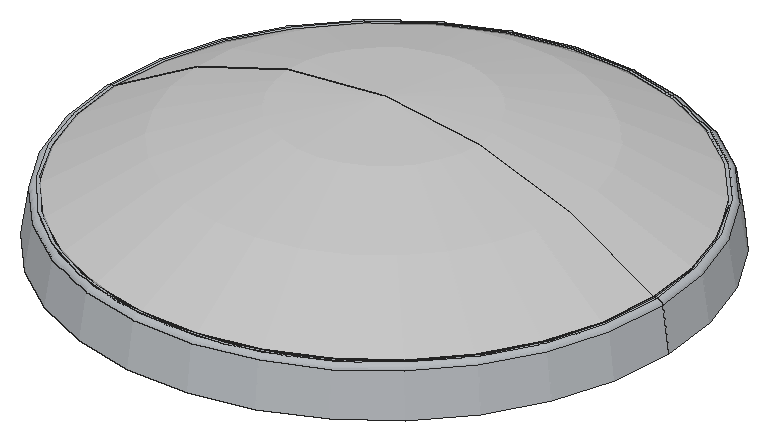
Revit family "Lightronics_LightingFixture_WallAndCeiling_DOTT_XL1", category Lighting Fixtures, host Face, Revit 2016
Family settings
  Host = Face
  Part Type = Normal
  Round Connector Dimension = Use Diameter
  OmniClass Number = 23.80.70.00
  OmniClass Title = Lighting
  Cut with Voids When Loaded = No
  Light Source = Yes
  Shared = No
  Room Calculation Point = No
Parameters (values of type "DOTT XL")
  _DistributedBy = "www.bimstore.co.uk"
  _CurrentRevision = 1
  _CreatedBy = "www.bimstore.co.uk"
  _BimSpecGuid = 0
  _BSBibleVersion = 15
  _AuthorizedBy = "Kris Atkinson"
  _Author = "Ryan Wigham"
  Wattage = 9.2903 W
  WarrantyStartDate [instance] = "Please record on commissioning"
  WarrantyGuarantorParts = "info@lightronics.nl"
  WarrantyGuarantorLabor = "info@lightronics.nl"
  WarrantyDurationUnit = "Years"
  WarrantyDurationParts = "5"
  WarrantyDurationLabor = "n/a"
  WarrantyDescription = "n/a"
  built-in parameter 1150110 = 1 (stored number, unit not read)
  Voltage = 230 V
  URL = "https://www.lightronics.nl/en/"
  TypeName = "DOTT XL"
  Type Comments = "Wall and ceiling lighting – Hogro Plus. Impact proof surface-mounted design luminaire"
  built-in parameter 1114217 = 1 (stored number, unit not read)
  Tilt Angle = 90.00°
  built-in parameter 1150109 = 1 (stored number, unit not read)
  built-in parameter 1150134 = 3
  built-in parameter 1150113 = 1 (stored number, unit not read)
  SpareParts = "n/a"
  Size = "500x115"
  Shape = "Circular"
  SerialNumber [instance] = "Please record on commissioning"
  ReplacementCost = ""
  ReferencedStandard = "n/a"
  ProductionYear = "2018"
  Photometric Web File = "DOTTXL-LO-1-19-500-D-F-2280-230-X-W.ies"
  NumberOfPoles = 1
  NominalLength = Length  # 500 mm
  NominalHeight = Height  # 115 mm
  NominalDepth = Depth  # 500 mm
  NBSReference = "90-60-50/405"
  NBSOfficeMasterTag = "n/a"
  NBSObjectName = "Lightronics -  General purpose luminaires"
  NBSNote = ""
  NBSDescription = "Surface luminaires"
  ModelReference = "IP 65"
  ModelNumber = "DOTT XL"
  Model = "DOTT XL"
  Material_Lens [instance] = Lightronics - Polycarbonate - Lens - Opal
  Material_Housing [instance] = Lightronics - Aluminium Coated - RAL DB703
  Material = "UV-stabilised polycarbonate"
  ManufacturerName = "Lightronics"
  Manufacturer = "Lightronics"
  built-in parameter 1150105 = 109.82 (stored number, unit not read)
  Lumens = 1380 lm
  built-in parameter 1150115 = 1 (stored number, unit not read)
  built-in parameter 1150137 = (empty or 0)
  built-in parameter 1150139 = (empty or 0)
  Length = Diameter  # 500 mm
  built-in parameter 1150112 = 1 (stored number, unit not read)
  built-in parameter 1150114 = 1 (stored number, unit not read)
  Keynote = "V90/510"
  InstallationDate [instance] = "Please record on commissioning"
  built-in parameter 1150132 = (empty or 0)
  built-in parameter 1150102 = (empty or 0)
  built-in parameter 1150107 = 3200 (stored number, unit not read)
  built-in parameter 1150138 = (empty or 0)
  built-in parameter 1150106 = 1.0982 (stored number, unit not read)
  IfcExportType = "IfcLightFixture"
  IfcExportAs = "IfcLightFixtureTypeEnum.POINTSOURCE"
  Height = 115 mm
  Grade = "n/a"
  Finish = "n/a"
  Features = "n/a"
  ExpectedLife = 10
  Emit from Circle Diameter = 450 mm
  Emit Shape Visible in Rendering = no
  built-in parameter 1150104 = 13.8 (stored number, unit not read)
  DurationUnit = "20 Years"
  DocumentationTechnical = "n/a"
  DocumentationMaintenance = "n/a"
  DocumentationLiterature = "https://specifi.bimstore.co.uk/document/share/2436"
  DocumentationInstallationGuide = "n/a"
  DocumentationCertificates = "n/a"
  Dimming Lamp Color Temperature Shift = <None>
  Diameter = 500 mm
  Description = "Impact proof surface-mounted design luminaire"
  Depth = Diameter  # 500 mm
  Default Elevation = 1219.2 mm
  CreatedOn = "2018-03-06T09:00:00"
  CreatedBy = "info@lightronics.nl"
  Constituents = "n/a"
  Color Filter = 16777215
  Color = "Housing: aluminium coated (DB703) or RAL 9010. Cover: UV-stabilised polycarbonate opal or frosted"
  CodePerformance = "n/a"
  ClassificationValue = "Pr_70_70_48_85"
  ClassificationName = "Uniclass 2015"
  BarCode [instance] = "Please record on commissioning"
  built-in parameter 1114218 = 1 (stored number, unit not read)
  BIMObjectName = "Lightronics_LightingFixture_WallAndCeiling_DOTT_XL"
  built-in parameter 1150133 = 10 (stored number, unit not read)
  AssetType = "Fixed"
  AssetIdentifier [instance] = "Please record on commissioning"
  Assembly Code = "D5020200"
  Apparent Load = 0 VA
  AccessibilityPerformance = "n/a"
Reference planes
  plane 1 "Center (Front/Back)": y = 0
  plane 2: z = 0
  plane 3 "Center (Left/Right)": x = 0
  plane 4: z = 45
  plane 5: x = -250
Forms (mm)
  Revolve 1, solid, material "Lightronics - Aluminium Coated - RAL DB703" <- "Material_Housing"
    sketch origin (0, 0, 0) x (1, 0, 0) y (0, 0, 1)
      loop
        line (0, 0) -> (0, 35) -> (-236.894, 35) -> (-236.894, 40) -> (-239.394, 40)
        arc (-239.394, 40) -> (-242.641, 38.802) -> (-244.333, 35.782) r 5
        line (-244.333, 35.782) -> (-250, 0) -> (0, 0)
      axis (0, 0) -> (0, 40)
    angle from 0 to 360
  Revolve 2, solid, material "Lightronics - Polycarbonate - Lens - Opal" <- "Material_Lens"
    sketch origin (0, 0, 0) x (1, 0, 0) y (0, 0, 1)
      loop
        line (-236.894, 35) -> (0, 35) -> (0, 115)
        arc (0, 115) -> (-124.242, 95.802) -> (-236.894, 40) r 411.626
        line (-236.894, 40) -> (-236.894, 35)
      axis (0, 115) -> (0, 35)
    angle from 0 to 360
  Extrusion 3, solid, material "Glass, White, High Luminance"
    sketch origin (0, 0, 0) x (1, 0, 0) y (0, 1, 0)
      loop
        circle (0, 0) r 236.894
    from 35 to 40
Dimensions and locks
  plane 4 to level = 45 mm
  aligned and locked: plane 2 to host face
  aligned and locked: level to host face
  aligned and locked: plane 4 to imposter light
Connectors
  electrical at (0, 0, 0), driven by "NumberOfPoles", driven by "Voltage", driven by "Apparent Load"
    settings: index 1, voltage 230 V, apparent load 0 VA, apparent load phase1 0 VA, apparent load phase2 0 VA, apparent load phase3 0 VA, power factor 1, load classification "Lighting", number of poles 1, system type 31, power factor state 1, is connector primary yes, connector utility no, sub classification motor no, connector description ""
